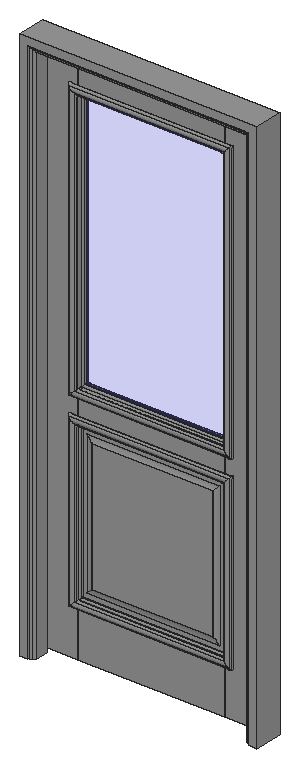
Revit family "I2P 813 GT 2HB", category Doors, host Wall, Revit 2013
Parameters (values of type "I2P 813 GT 2HB")
  Function = Interior
  Frame Projection Ext. = 25 mm
  Frame Projection Int. = 25 mm
  Frame Width = 75 mm
  Height = 2090 mm
  Wall Closure = By host
  Width = 889 mm
Reference planes
  plane 1: y = 0
  plane 2 "Center (Left/Right)": x = 0
  plane 3 "Left": x = -444.5
  plane 4 "Right": x = 444.5
  plane 5: z = 2090
  plane 6 "Exterior": y = 75
  plane 7 "Interior": y = -75
Forms (mm)
  Sweep 1, solid, material "Lauan, Meranti"
    path origin (0, 75, 0) x (1, 0, 0) y (0, 0, 1)
      loop
        line (444.5, 0) -> (444.5, 2090) -> (-444.5, 2090) -> (-444.5, 0)
    profile "Van Acht 105x50 Door Frame Routed Profile (Heavy) : Van Acht 105x50 Door Frame Routed Profile (Heavy)" origin (444.5, 75, 1045) x (-1, 0, 0) y (0, -1, 0)
      loop
        line (0, 22.5) -> (38, 22.5) -> (38, 67.5) -> (50, 67.5) -> (50, 112.5)
        arc (50, 112.5) -> (44.957, 114.29) -> (42.17, 118.859) r 8
        line (42.17, 118.859) -> (39, 118.859)
        arc (39, 118.859) -> (35.311, 122.973) -> (30, 124.5) r 10
        line (30, 124.5) -> (30, 127.5) -> (0, 127.5) -> (0, 22.5)
  Extrusion 2, solid, material "Lauan, Meranti"
    sketch origin (0, -85, 0) x (0, 1, 0) y (0, 0, 1)
      loop
        line (132.5, 20) -> (132.5, 221) -> (130.5, 221)
        arc (130.5, 221) -> (128.866, 225.67) -> (124.5, 228) r 6.807
        line (124.5, 228) -> (124.5, 230) -> (122.5, 230) -> (122.5, 215) -> (102.5, 215) -> (102.5, 230) -> (100.5, 230) -> (100.5, 228)
        arc (100.5, 228) -> (96.134, 225.67) -> (94.5, 221) r 6.807
        line (94.5, 221) -> (92.5, 221) -> (92.5, 20) -> (132.5, 20)
      loop
        line (132.5, 809) -> (132.5, 931) -> (130.5, 931)
        arc (130.5, 931) -> (128.866, 935.67) -> (124.5, 938) r 6.807
        line (124.5, 938) -> (124.5, 940) -> (122.5, 940) -> (122.5, 931) -> (92.5, 931) -> (92.5, 809) -> (94.5, 809)
        arc (94.5, 809) -> (96.134, 804.33) -> (100.5, 802) r 6.807
        line (100.5, 802) -> (100.5, 800) -> (102.5, 800) -> (102.5, 815) -> (122.5, 815) -> (122.5, 800) -> (124.5, 800) -> (124.5, 802)
        arc (124.5, 802) -> (128.866, 804.33) -> (130.5, 809) r 6.807
        line (130.5, 809) -> (132.5, 809)
      loop
        line (130.5, 1921) -> (132.5, 1921) -> (132.5, 2052) -> (92.5, 2052) -> (92.5, 1921) -> (122.5, 1921) -> (122.5, 1912) -> (124.5, 1912) -> (124.5, 1914)
        arc (124.5, 1914) -> (128.866, 1916.33) -> (130.5, 1921) r 6.807
    from -275.5 to 275.5
  Extrusion 3, solid, material "Lauan, Meranti"
    sketch origin (0, 0, 0) x (1, 0, 0) y (0, 1, 0)
      loop
        line (-406.5, 47.5) -> (-406.5, 7.5) -> (-275.5, 7.5) -> (-275.5, 9.5)
        arc (-275.5, 9.5) -> (-270.765, 11.06) -> (-268.5, 15.5) r 6.549
        line (-268.5, 15.5) -> (-266.5, 15.5) -> (-266.5, 17.5) -> (-281.5, 17.5) -> (-281.5, 37.5) -> (-266.5, 37.5) -> (-266.5, 39.5) -> (-268.5, 39.5)
        arc (-268.5, 39.5) -> (-270.765, 43.94) -> (-275.5, 45.5) r 6.549
        line (-275.5, 45.5) -> (-275.5, 47.5) -> (-406.5, 47.5)
      loop
        line (406.5, 47.5) -> (275.5, 47.5) -> (275.5, 45.5)
        arc (275.5, 45.5) -> (270.765, 43.94) -> (268.5, 39.5) r 6.549
        line (268.5, 39.5) -> (266.5, 39.5) -> (266.5, 37.5) -> (281.5, 37.5) -> (281.5, 17.5) -> (266.5, 17.5) -> (266.5, 15.5) -> (268.5, 15.5)
        arc (268.5, 15.5) -> (270.765, 11.06) -> (275.5, 9.5) r 6.549
        line (275.5, 9.5) -> (275.5, 7.5) -> (406.5, 7.5) -> (406.5, 47.5)
    from 20 to 931
  Sweep 4, solid, material "Lauan, Meranti"
    path origin (0, 75, 0) x (1, 0, 0) y (0, 0, 1)
      loop
        line (275.5, 809) -> (-275.5, 809) -> (-275.5, 221) -> (275.5, 221) -> (275.5, 809)
    profile origin (0, 75, 809) x (0, 0, -1) y (0, -1, 0)
      loop
        line (-4.5, 57.5) -> (-4.5, 37.5) -> (25.727, 37.5)
        arc (25.727, 37.5) -> (37.468, 35.847) -> (48.5, 31.5) r 50.456
        line (48.5, 31.5) -> (48.5, 63.5)
        arc (48.5, 63.5) -> (37.468, 59.153) -> (25.727, 57.5) r 50.456
        line (25.727, 57.5) -> (-4.5, 57.5)
  Extrusion 5, solid, material "Lauan, Meranti"
    sketch origin (0, 75, 0) x (1, 0, 0) y (0, 0, 1)
      loop
        line (227, 760.5) -> (-227, 760.5) -> (-227, 269.5) -> (227, 269.5) -> (227, 760.5)
    from 31.5 to 63.5
  Extrusion 6, solid, material "Lauan, Meranti"
    sketch origin (0, 0, 0) x (1, 0, 0) y (0, 1, 0)
      loop
        line (-406.5, 47.5) -> (-406.5, 7.5) -> (-275.5, 7.5) -> (-275.5, 37.5) -> (-266.5, 37.5) -> (-266.5, 39.5) -> (-268.5, 39.5)
        arc (-268.5, 39.5) -> (-270.765, 43.94) -> (-275.5, 45.5) r 6.549
        line (-275.5, 45.5) -> (-275.5, 47.5) -> (-406.5, 47.5)
      loop
        line (406.5, 47.5) -> (275.5, 47.5) -> (275.5, 45.5)
        arc (275.5, 45.5) -> (270.765, 43.94) -> (268.5, 39.5) r 6.549
        line (268.5, 39.5) -> (266.5, 39.5) -> (266.5, 37.5) -> (275.5, 37.5) -> (275.5, 7.5) -> (406.5, 7.5) -> (406.5, 47.5)
    from 931 to 2052
  Extrusion 7, solid, material "Glass"
    sketch origin (0, -75, 0) x (1, 0, 0) y (0, 0, 1)
      loop
        line (-275.5, 1921) -> (-275.5, 931) -> (275.5, 931) -> (275.5, 1921) -> (-275.5, 1921)
    from -112.5 to -106.1
  Sweep 8, solid, material "Lauan, Meranti"
    path origin (0, -75, 0) x (1, 0, 0) y (0, 0, 1)
      loop
        line (-275.5, 1921) -> (-275.5, 931) -> (275.5, 931) -> (275.5, 1921) -> (-275.5, 1921)
    profile origin (0, -75, 1921) x (0, 0, 1) y (0, -1, 0)
      loop
        line (-9, -106.1) -> (0, -106.1) -> (0, -98.1)
        arc (0, -98.1) -> (-4.67, -99.734) -> (-7, -104.1) r 6.807
        line (-7, -104.1) -> (-9, -104.1) -> (-9, -106.1)
  Sweep 9, solid, material "Lauan, Meranti"
    path origin (-120.543, 75, 230.929) x (1, 0, 0) y (0, 0, 1)
      loop
        line (396.032, 1690.061) -> (-154.968, 1690.061) -> (-154.968, 700.061) -> (396.032, 700.061) -> (396.032, 1690.061)
    profile origin (-0.011, 75, 1920.99) x (0, 0, -1) y (0, -1, 0)
      loop
        arc (-31, 24) -> (-29.096, 19.404) -> (-24.5, 17.5) r 6.5
        arc (-24.5, 17.5) -> (-15.5, 13.5) -> (-6.5, 17.5) r 12.125
        arc (-6.5, 17.5) -> (-1.904, 19.404) -> (0, 24) r 6.5
        line (0, 24) -> (0, 27.5) -> (-31, 27.5) -> (-31, 24)
  Sweep 10, solid, material "Lauan, Meranti"
    path origin (-128.106, 75, -1205.291) x (1, 0, 0) y (0, 0, 1)
      loop
        line (403.606, 2014.291) -> (-147.394, 2014.291) -> (-147.394, 1426.291) -> (403.606, 1426.291) -> (403.606, 2014.291)
    profile origin (0, 75, 809) x (0, 0, -1) y (0, -1, 0)
      loop
        arc (-31, 24) -> (-29.096, 19.404) -> (-24.5, 17.5) r 6.5
        arc (-24.5, 17.5) -> (-15.5, 13.5) -> (-6.5, 17.5) r 12.125
        arc (-6.5, 17.5) -> (-1.904, 19.404) -> (0, 24) r 6.5
        line (0, 24) -> (0, 27.5) -> (-31, 27.5) -> (-31, 24)
  Sweep 11, solid, material "Lauan, Meranti"
    path origin (-120.543, -20, 230.929) x (1, 0, 0) y (0, 0, -1)
      loop
        line (396.032, -1690.061) -> (396.032, -700.061) -> (-154.968, -700.061) -> (-154.968, -1690.061) -> (396.032, -1690.061)
    profile origin (-0.011, -20, 1920.99) x (0, 0, 1) y (0, 1, 0)
      loop
        line (31, 24) -> (31, 27.5) -> (0, 27.5) -> (0, 24)
        arc (0, 24) -> (1.904, 19.404) -> (6.5, 17.5) r 6.5
        arc (6.5, 17.5) -> (15.5, 13.5) -> (24.5, 17.5) r 12.125
        arc (24.5, 17.5) -> (29.096, 19.404) -> (31, 24) r 6.5
  Sweep 12, solid, material "Lauan, Meranti"
    path origin (-128.106, -20, -1205.291) x (1, 0, 0) y (0, 0, -1)
      loop
        line (403.606, -2014.291) -> (403.606, -1426.291) -> (-147.394, -1426.291) -> (-147.394, -2014.291) -> (403.606, -2014.291)
    profile origin (0, -20, 809) x (0, 0, 1) y (0, 1, 0)
      loop
        line (31, 24) -> (31, 27.5) -> (0, 27.5) -> (0, 24)
        arc (0, 24) -> (1.904, 19.404) -> (6.5, 17.5) r 6.5
        arc (6.5, 17.5) -> (15.5, 13.5) -> (24.5, 17.5) r 12.125
        arc (24.5, 17.5) -> (29.096, 19.404) -> (31, 24) r 6.5
Cuts and joins
  joined: Extrusion 3, Extrusion 6
Lines and regions (mm)
  Opening 1
    outline origin (-3050, -75, 0) x (1, 0, 0) y (0, 0, 1)
      loop
        line (2605.5, 0) -> (3494.5, 0) -> (3494.5, 2090) -> (2605.5, 2090) -> (2605.5, 0)
  symbolic lines, style "Elevation Swing"
    curve 1: line (444.5, -75, 1045) -> (-444.5, -75, 2090)
    curve 2: line (444.5, -75, 1045) -> (-444.5, -75, 0)
  model lines
    curve 3: line (406.5, 52.5, 0) -> (406.5, 865.5, 0)
    curve 4: arc (-406.5, 52.5, 0) -> (-168.378, 627.378, 0) -> (406.5, 865.5, 0) r 813
Text (mm)
  text "Exterior" at (-2295.016, 1099.543, 0), in view "Ref. Level"
  text "Exterior" at (0, 1615.38, 3698.081), in view "Left"
  text "Exterior" at (0, 1036.032, 3874.932), in view "Right"
Dimensions and locks
  equal spacing: plane 3 "Left", plane 2 "Center (Left/Right)", plane 4 "Right"
  "Width": plane 3 "Left" to plane 4 "Right"
  "Height": plane 5 to host wall
  equal spacing: host wall, curve 2, plane 5
  host wall to plane 5 = 2090 mm
  locked: plane 6 "Exterior" to host wall at 0
  locked: plane 7 "Interior" to host wall
  plane 3 "Left" to plane 4 "Right" = 889 mm
  Sweep 1 to Sweep 1 = 813 mm
  Extrusion 3 to Sweep 1 = 2032 mm
  aligned and locked: plane 3 "Left" to Opening 1 sketch curve
  aligned and locked: plane 5 to Opening 1 sketch curve  (x2)
  aligned and locked: Opening 1 sketch curve to plane 4 "Right"
  aligned and locked: Opening 1 sketch curve to level
  aligned and locked: plane 5 to curve 1
  aligned and locked: plane 3 "Left" to curve 2
  aligned and locked: plane 1 to host wall
  aligned and locked: plane 3 "Left" to curve 1
Automatic sketch dimensions
  plane 4 "Right" to curve 2 = 0 mm
  curve 2 to level = 0 mm
  plane 3 "Left" to Sweep 1 sketch curve = 0 mm
  plane 4 "Right" to Sweep 1 sketch curve = 0 mm
  Sweep 1 sketch curve to plane 5 = 0 mm
  Sweep 1 sketch curve to level = 0 mm  (x2)
  Extrusion 2 sketch curve to host wall = 7.5 mm  (x3)
  level to Extrusion 2 sketch curve = 20 mm
  Extrusion 2 sketch curve to Extrusion 2 sketch curve = 2 mm  (x17)
  Extrusion 2 sketch curve to Extrusion 2 sketch curve = 6 mm  (x6)
  Extrusion 2 sketch curve to Extrusion 2 sketch curve = 30 mm  (x2)
  Extrusion 2 sketch curve to Extrusion 2 sketch curve = 20 mm  (x2)
  Extrusion 2 sketch curve to Extrusion 2 sketch curve = 8 mm  (x2)
  Extrusion 2 sketch curve to Extrusion 2 sketch curve = 1.197 mm  (x6)
  Extrusion 2 sketch curve to Extrusion 2 sketch curve = 195 mm
  Extrusion 2 sketch curve to Extrusion 2 sketch curve = 7 mm  (x6)
  Extrusion 2 sketch curve to Extrusion 2 sketch curve = 570 mm
  Extrusion 2 sketch curve to Extrusion 2 sketch curve = 0 mm  (x2)
  Extrusion 2 sketch curve to Extrusion 2 sketch curve = 6.241 mm
  Extrusion 2 sketch curve to Extrusion 2 sketch curve = 116 mm
  plane 5 to Extrusion 2 sketch curve = 178 mm
  Extrusion 2 sketch curve to Extrusion 2 sketch curve = 0.241 mm
  plane 5 to Extrusion 2 sketch curve = 38 mm
  Extrusion 3 sketch curve to host wall = 7.5 mm  (x2)
  Extrusion 3 sketch curve to plane 3 "Left" = 38 mm
  Extrusion 3 sketch curve to host wall = 37.5 mm  (x2)
  Extrusion 3 sketch curve to Extrusion 3 sketch curve = 125 mm
  Extrusion 3 sketch curve to Extrusion 3 sketch curve = 6 mm  (x7)
  Extrusion 3 sketch curve to Extrusion 3 sketch curve = 7 mm  (x4)
  Extrusion 3 sketch curve to Extrusion 3 sketch curve = 2 mm  (x11)
  plane 4 "Right" to Extrusion 3 sketch curve = 178 mm
  Extrusion 3 sketch curve to Extrusion 3 sketch curve = 0 mm
  plane 4 "Right" to Extrusion 3 sketch curve = 38 mm
  Extrusion 3 sketch curve to Extrusion 3 sketch curve = 0.473 mm  (x3)
  Extrusion 3 sketch curve to Extrusion 3 sketch curve = 6.527 mm
  Extrusion 3 sketch curve to Extrusion 3 sketch curve = 1.468 mm
  Sweep 4 sketch curve to plane 3 "Left" = 169 mm
  level to Sweep 4 sketch curve = 221 mm
  plane 4 "Right" to Sweep 4 sketch curve = 169 mm
  Sweep 4 sketch curve to Sweep 4 sketch curve = 588 mm
  profile plane to Sweep 4 sketch curve = 4.5 mm
  plane 6 "Exterior" to Sweep 4 sketch curve = 31.5 mm
  Sweep 4 sketch curve to profile plane = 25.727 mm
  Sweep 4 sketch curve to Sweep 4 sketch curve = 0 mm
  Sweep 4 sketch curve to Sweep 4 sketch curve = 22.773 mm
  Sweep 4 sketch curve to profile plane = 24.613 mm  (x2)
  plane 6 "Exterior" to Sweep 4 sketch curve = 37.5 mm
  Sweep 4 sketch curve to Sweep 4 sketch curve = 20 mm
  Sweep 4 sketch curve to Sweep 4 sketch curve = 6 mm
  Extrusion 5 sketch curve to plane 3 "Left" = 217.5 mm
  level to Extrusion 5 sketch curve = 269.5 mm
  plane 4 "Right" to Extrusion 5 sketch curve = 217.5 mm
  Extrusion 5 sketch curve to Extrusion 5 sketch curve = 491 mm
  plane 4 "Right" to curve 3 = 38 mm
  host wall to curve 3 = 790.5 mm
  curve 4 to host wall = 22.5 mm
  curve 3 to curve 4 = 0 mm
  Extrusion 6 sketch curve to host wall = 7.5 mm  (x2)
  Extrusion 6 sketch curve to plane 3 "Left" = 38 mm
  Extrusion 6 sketch curve to host wall = 37.5 mm  (x2)
  Extrusion 6 sketch curve to Extrusion 6 sketch curve = 131 mm
  Extrusion 6 sketch curve to Extrusion 6 sketch curve = 0 mm
  Extrusion 6 sketch curve to Extrusion 6 sketch curve = 7 mm  (x2)
  Extrusion 6 sketch curve to Extrusion 6 sketch curve = 2 mm  (x5)
  plane 4 "Right" to Extrusion 6 sketch curve = 178 mm
  Extrusion 6 sketch curve to Extrusion 6 sketch curve = 9 mm
  plane 4 "Right" to Extrusion 6 sketch curve = 38 mm
  Extrusion 6 sketch curve to Extrusion 6 sketch curve = 0.473 mm  (x2)
  Extrusion 6 sketch curve to Extrusion 6 sketch curve = 8 mm  (x2)
  Extrusion 6 sketch curve to host wall = 27.5 mm
  Extrusion 7 sketch curve to plane 3 "Left" = 169 mm
  level to Extrusion 7 sketch curve = 931 mm
  plane 4 "Right" to Extrusion 7 sketch curve = 169 mm
  plane 5 to Extrusion 7 sketch curve = 169 mm
  Sweep 8 sketch curve to plane 3 "Left" = 169 mm
  level to Sweep 8 sketch curve = 931 mm
  plane 4 "Right" to Sweep 8 sketch curve = 169 mm
  plane 5 to Sweep 8 sketch curve = 169 mm
  profile plane to Sweep 8 sketch curve = 0 mm
  profile plane to Sweep 8 sketch curve = 9 mm
  Sweep 8 sketch curve to plane 7 "Interior" = 106.1 mm
  Sweep 8 sketch curve to Sweep 8 sketch curve = 2 mm  (x2)
  profile plane to Sweep 8 sketch curve = 0.241 mm
  Sweep 8 sketch curve to Sweep 8 sketch curve = 8 mm
  Sweep 9 sketch curve to plane 3 "Left" = 168.989 mm
  plane 4 "Right" to Sweep 9 sketch curve = 169.011 mm
  level to Sweep 9 sketch curve = 930.99 mm
  plane 5 to Sweep 9 sketch curve = 169.01 mm
  Sweep 9 sketch curve to profile plane = 0 mm
  profile plane to Sweep 9 sketch curve = 24 mm
  profile plane to Sweep 9 sketch curve = 31 mm
  Sweep 9 sketch curve to Sweep 9 sketch curve = 6.5 mm
  Sweep 9 sketch curve to Sweep 9 sketch curve = 9 mm
  profile plane to Sweep 9 sketch curve = 6.5 mm
  Sweep 9 sketch curve to Sweep 9 sketch curve = 3.5 mm
  Sweep 9 sketch curve to Sweep 9 sketch curve = 1.625 mm
  Sweep 10 sketch curve to plane 3 "Left" = 169 mm
  level to Sweep 10 sketch curve = 221 mm
  plane 4 "Right" to Sweep 10 sketch curve = 169 mm
  Sweep 10 sketch curve to Sweep 10 sketch curve = 588 mm
  Sweep 10 sketch curve to profile plane = 0 mm
  profile plane to Sweep 10 sketch curve = 24 mm
  profile plane to Sweep 10 sketch curve = 31 mm
  Sweep 10 sketch curve to Sweep 10 sketch curve = 6.5 mm
  Sweep 10 sketch curve to Sweep 10 sketch curve = 9 mm
  profile plane to Sweep 10 sketch curve = 6.5 mm
  Sweep 10 sketch curve to Sweep 10 sketch curve = 3.5 mm
  Sweep 10 sketch curve to Sweep 10 sketch curve = 1.625 mm
  Sweep 11 sketch curve to plane 3 "Left" = 168.989 mm
  plane 5 to Sweep 11 sketch curve = 169.01 mm
  plane 4 "Right" to Sweep 11 sketch curve = 169.011 mm
  level to Sweep 11 sketch curve = 930.99 mm
  profile plane to Sweep 11 sketch curve = 0 mm
  profile plane to Sweep 11 sketch curve = 24 mm
  Sweep 11 sketch curve to profile plane = 31 mm
  Sweep 11 sketch curve to profile plane = 6.5 mm
  Sweep 11 sketch curve to Sweep 11 sketch curve = 9 mm
  Sweep 11 sketch curve to Sweep 11 sketch curve = 6.5 mm
  Sweep 11 sketch curve to Sweep 11 sketch curve = 3.5 mm
  Sweep 11 sketch curve to Sweep 11 sketch curve = 1.625 mm
  Sweep 12 sketch curve to plane 3 "Left" = 169 mm
  level to Sweep 12 sketch curve = 809 mm
  plane 4 "Right" to Sweep 12 sketch curve = 169 mm
  level to Sweep 12 sketch curve = 221 mm
  profile plane to Sweep 12 sketch curve = 0 mm
  profile plane to Sweep 12 sketch curve = 24 mm
  Sweep 12 sketch curve to profile plane = 31 mm
  Sweep 12 sketch curve to profile plane = 6.5 mm
  Sweep 12 sketch curve to Sweep 12 sketch curve = 9 mm
  Sweep 12 sketch curve to Sweep 12 sketch curve = 6.5 mm
  Sweep 12 sketch curve to Sweep 12 sketch curve = 3.5 mm
  Sweep 12 sketch curve to Sweep 12 sketch curve = 1.625 mm
